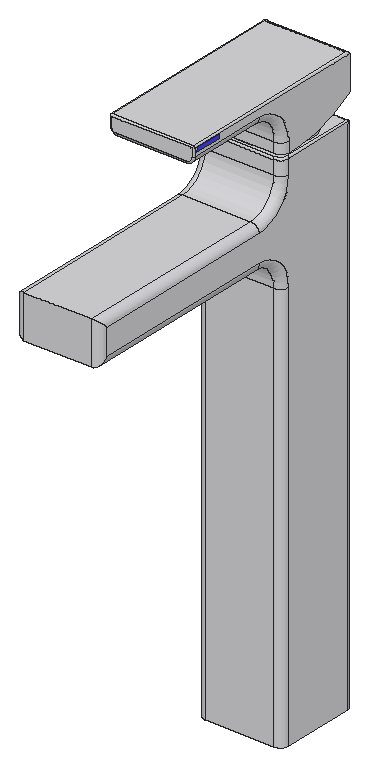
Revit family "Faucet-Lavatory-KOHLER-STRAYT-C98340D_1", category Plumbing Fixtures, host Face, Revit 2017
Family settings
  Host = Face
  Round Connector Dimension = Use Diameter
  Part Type = Normal
  OmniClass Number = 23.31.11.00
  OmniClass Title = Faucets
  Cut with Voids When Loaded = No
  Shared = No
  Room Calculation Point = No
Parameters (values of type "CP-Polished Chrome")
  Width = 1 13/16"  # constant formula
  WaterSense Certified = 1 = 0  # no
  Waste Water Outlet = "Waste Water Outlet"  # constant formula
  Waste Connection = 1 = 0  # no
  Vent Connection = 1 = 0  # no
  URL = "https://www.kohler.co.uk/"
  Type = 1
  Spout Reach = 5 25/128"  # constant formula
  Product Page URL = ""
  Product Name = "STRAYT"  # constant formula
  Product Documentation Link = ""
  Pressure = 60.00 psi  # constant formula
  Model = "C98340D-CP"  # constant formula
  Material = "Premium Metal Construction"  # constant formula
  Master Format 2014 Name = "Residential Faucets, Supplies, and Trim"  # constant formula
  Master Format 2014 = "22 41 39"  # constant formula
  Manufacturer Address = "Cromwell Road, Cheltenham, Gloucestershire. GL52 5EP Registered in England No. 252115"  # constant formula
  Manufacturer = "KOHLER Co."  # constant formula
  Length = Spout Reach  # 5 25/128"
  Hot Water Inlet = "Hot Water Inlet"  # constant formula
  Height = 12 163/256"  # constant formula
  Handle Clearance = 3 17/64"  # constant formula
  HW Connection = 1 = 1  # yes
  Flow Rate = 1.3 GPM  # constant formula
  Finish = Kohler-Metal-CP-Polished_Chrome
  Environmental Product Declaration = ""
  Drain Included = 1 = 1  # yes
  Description = "TALL MONOBLOC WITH CLICKER WASTE"  # constant formula
  Default Elevation = 36"
  Declare Label = ""
  Date Modified = "08/13/2021"  # constant formula
  Date Created = "08/13/2021"  # constant formula
  Copyright = "Copyright KOHLER Co."  # constant formula
  Contact Us = "https://www.kohler.co.uk/support/contact/"
  Cold Water Inlet = "Cold Water Inlet"  # constant formula
  CW Connection = 1 = 1  # yes
  Assembly Code = "D2010"
  ADA Compliant = 1 = 0  # no
Reference planes (in)
  plane 1 "Center (Front/Back)": y = 0
  plane 2: z = 0
  plane 3 "Center (Left/Right)": x = 0
  plane 4: x = -0.9055118
  plane 5: x = -0.5375409
  plane 6: x = 0.9069882
  plane 7: x = 0.5375409
  plane 8: y = 0.9055118
  plane 9: y = -0.9055118
  plane 10: y = -3.265625
  plane 11: y = -5.79
  plane 12: y = -5.1953125
  plane 13: z = 12.6367187
  plane 14: z = 9.4488189
  plane 15: z = 12.2704879
  plane 16: z = 10.3740157
  plane 17: through (0, -5.79, 7.2350914) normal (0, 0.9659, -0.2588)
Dimensions and locks (in)
  "Width": plane 4 to plane 6
  "Spout Reach": plane 1 "Center (Front/Back)" to plane 12
  "Height": level to plane 13
  plane 14 to level = 9.44882"
  "Handle Clearance": plane 10 to plane 1 "Center (Front/Back)"
  aligned and locked: plane 2 to host face
  aligned and locked: level to host face
Automatic sketch dimensions
  host sketch curve to host sketch curve = 96"  (x2)
Nested families (in)
  nested 1: "C98340D" at (0, 0, 0), type "C98340D"
Connectors (in)
  piping at (-0.5375409, 0, 0), diameter 0.375, driven by "Flow Rate", driven by "Pressure", driven by "HW Connection", driven by "Hot Water Inlet"
    settings: on nested 1, index 1, connector inside diameter 24", connector length 0", flow factor 0, pipe flow 1.3 GPM, pressure drop 60.00 psi, fitting loss kfactor 0, connector angle 0.00°, fixture units 0, engagement length 0", angle of deflection 0.00°, flow configuration 1, flow direction 1, fitting loss method 4, system type 19, joint type 0, gender type 0, connector reference index -1, connector utility 1, adjustable connector no, is connector primary yes, connector description "Hot Water Inlet"
  piping at (0.5375409, 0, 0), diameter 0.375, driven by "Flow Rate", driven by "Pressure", driven by "CW Connection", driven by "Cold Water Inlet"
    settings: on nested 1, index 2, connector inside diameter 24", connector length 0", flow factor 0, pipe flow 1.3 GPM, pressure drop 60.00 psi, fitting loss kfactor 0, connector angle 0.00°, fixture units 0, engagement length 0", angle of deflection 0.00°, flow configuration 1, flow direction 1, fitting loss method 4, system type 20, joint type 0, gender type 0, connector reference index -1, connector utility 1, adjustable connector no, is connector primary no, connector description "Cold Water Inlet"
Definition of nested family "C98340D"
  Parameters (values of type "C98340D")
    Material = none
  Reference planes (in)
    plane 1 "Center (Front/Back)": y = 0
    plane 2: z = 0
    plane 3 "Center (Left/Right)": x = 0
    plane 4: y = -3.2677165
    plane 5: y = -5.1968504
    plane 6: y = -5.79
    plane 7: x = -0.9055118
    plane 8: x = 0.9055118
    plane 9: y = 0.9055118
    plane 10: y = -0.9055118
    plane 11: z = 9.4488189
    plane 12: z = 12.6377953
    plane 13: x = -0.5375409
    plane 14: x = 0.5375409
    plane 15: z = 10.3740157
    plane 16: z = 12.2704879
    plane 17: through (0, -5.1157194, 9.7515409) normal (0, -0.9659, 0.2588)
  Forms (in)
    Sweep 1, solid, material <- "Material", detail levels medium+fine
      path origin (0, 0, 0) x (0, 1, 0) y (0, 0, 1)
        loop
          line (-0.9055118, 0) -> (-0.9055118, 8.8267717)
          arc (-0.9055118, 8.8267717) -> (-1.0877052, 9.2666255) -> (-1.5275591, 9.4488189) r 0.6220472
          line (-1.5275591, 9.4488189) -> (-5.79, 9.4488189) -> (-5.79, 10.3740157) -> (-1.5275591, 10.3740157)
          arc (-1.5275591, 10.3740157) -> (-1.0877052, 10.5562092) -> (-0.9055118, 10.996063) r 0.6220472
          line (-0.9055118, 10.996063) -> (-0.9055118, 11.3346457)
      profile origin (0, -3.6587795, 9.4488189) x (0, 0, -1) y (1, 0, 0)
        loop
          line (0, -0.7285401) -> (0, 0.7285401)
          arc (0, 0.7285401) -> (-0.0518338, 0.853678) -> (-0.1769717, 0.9055118) r 0.1769717
          line (-0.1769717, 0.9055118) -> (-0.2104215, 0.9055118) -> (-0.2104215, -0.9055118) -> (-0.1769717, -0.9055118)
          arc (-0.1769717, -0.9055118) -> (-0.0518338, -0.853678) -> (0, -0.7285401) r 0.1769717
    Extrusion 2, solid, material <- "Material", detail levels medium+fine
      sketch origin (0, 0, 0) x (0, 1, 0) y (0, 0, 1)
        loop
          arc (-0.6950903, 10.996063) -> (-0.9389147, 10.4074187) -> (-1.5275591, 10.1635942) r 0.8324688
          line (-1.5275591, 10.1635942) -> (-5.5795785, 10.1635942) -> (-5.5795785, 9.6592404) -> (-1.5275591, 9.6592404)
          arc (-1.5275591, 9.6592404) -> (-0.9389147, 9.415416) -> (-0.6950903, 8.8267717) r 0.8324688
          line (-0.6950903, 8.8267717) -> (-0.6950903, 0) -> (0.9055118, 0) -> (0.9055118, 11.3346457) -> (-0.6950903, 11.3346457) -> (-0.6950903, 10.996063)
      from -0.9055118 to 0.9055118
    Extrusion 3, void
      sketch origin (0, 0, 0) x (1, 0, 0) y (0, 1, 0)
        loop
          line (-0.9055118, 0.9055118) -> (-0.9055118, 0.868935)
          arc (-0.9055118, 0.868935) -> (-0.8947987, 0.8947987) -> (-0.868935, 0.9055118) r 0.0365768
          line (-0.868935, 0.9055118) -> (-0.9055118, 0.9055118)
        loop
          line (0.9055118, 0.9055118) -> (0.868935, 0.9055118)
          arc (0.868935, 0.9055118) -> (0.8947987, 0.8947987) -> (0.9055118, 0.868935) r 0.0365768
          line (0.9055118, 0.868935) -> (0.9055118, 0.9055118)
      from 0 to 11.5098688
    Sweep 4, void
      path origin (0, 0, 0) x (1, 0, 0) y (0, 1, 0)
        loop
          line (0.868935, 0.9055118) -> (-0.868935, 0.9055118)
          arc (-0.868935, 0.9055118) -> (-0.8947987, 0.8947987) -> (-0.9055118, 0.868935) r 0.0365768
          line (-0.9055118, 0.868935) -> (-0.9055118, -0.7285401)
          arc (-0.9055118, -0.7285401) -> (-0.853678, -0.853678) -> (-0.7285401, -0.9055118) r 0.1769717
          line (-0.7285401, -0.9055118) -> (0.7285401, -0.9055118)
          arc (0.7285401, -0.9055118) -> (0.853678, -0.853678) -> (0.9055118, -0.7285401) r 0.1769717
          line (0.9055118, -0.7285401) -> (0.9055118, 0.868935)
          arc (0.9055118, 0.868935) -> (0.8947987, 0.8947987) -> (0.868935, 0.9055118) r 0.0365768
      profile origin (0, 0.9055118, 0) x (0, -1, 0) y (0, 0, 1)
        loop
          line (0, 11.3346457) -> (0, 11.2992126)
          arc (0, 11.2992126) -> (0.0103781, 11.3242676) -> (0.0354331, 11.3346457) r 0.0354331
          line (0.0354331, 11.3346457) -> (0, 11.3346457)
    Revolve 5, solid, material <- "Material", detail levels medium+fine
      sketch origin (0, 0, 0) x (0, 1, 0) y (0, 0, 1)
        loop
          line (0, 11.9153604) -> (0, 11.3346457) -> (0.8084365, 11.3346457) -> (0.8084365, 11.4212049)
          arc (0.8084365, 11.4212049) -> (0.7577442, 11.6869437) -> (0.6127868, 11.9153604) r 0.7218731
          line (0.6127868, 11.9153604) -> (0, 11.9153604)
        axis (0, 11.3346457) -> (0, 11.9153604)
      angle from 0 to 360
    Sweep 6, solid, material <- "Material", detail levels medium+fine
      path origin (0, 0, 0) x (0, 1, 0) y (0, 0, 1)
        loop
          line (-0.9055118, 11.4212598) -> (-0.9055118, 11.6470511)
          arc (-0.9055118, 11.6470511) -> (-1.0877875, 12.0871035) -> (-1.5278399, 12.2693792) r 0.6223281
          line (-1.5278399, 12.2693792) -> (-3.2677165, 12.2693792)
      profile origin (0, -2.3977782, 12.2693792) x (0, 0, -1) y (1, 0, 0)
        loop
          line (-0.2657355, -0.9055118) -> (-0.1680813, -0.9055118)
          arc (-0.1680813, -0.9055118) -> (-0.0492299, -0.856282) -> (0, -0.7374306) r 0.1680813
          line (0, -0.7374306) -> (0, 0.7374306)
          arc (0, 0.7374306) -> (-0.0492299, 0.856282) -> (-0.1680813, 0.9055118) r 0.1680813
          line (-0.1680813, 0.9055118) -> (-0.2657355, 0.9055118) -> (-0.2657355, -0.9055118)
    Extrusion 7, solid, material <- "Material", detail levels medium+fine
      sketch origin (0, 0, 0) x (0, 1, 0) y (0, 0, 1)
        loop
          line (-0.6397763, 11.6470511) -> (-0.6397763, 11.4212598) -> (0.9055118, 11.4212598) -> (0.9055118, 12.591575)
          arc (0.9055118, 12.591575) -> (0.8919742, 12.6242577) -> (0.8592915, 12.6377953) r 0.0462203
          line (0.8592915, 12.6377953) -> (-3.2677165, 12.6377953) -> (-3.2677165, 12.5351147) -> (-1.5278399, 12.5351147)
          arc (-1.5278399, 12.5351147) -> (-0.8998841, 12.2750069) -> (-0.6397763, 11.6470511) r 0.8880636
      from -0.9055118 to 0.9055118
    Sweep 8, void
      path origin (0, 0, 0) x (1, 0, 0) y (0, 1, 0)
        loop
          line (-0.9055118, 1.4566929) -> (-0.9055118, -3.2677165) -> (0.9055118, -3.2677165) -> (0.9055118, 1.4566929)
      profile origin (0, -3.2677165, 0) x (0, 1, 0) y (0, 0, 1)
        loop
          line (0, 12.6377953) -> (0, 12.6023622)
          arc (0, 12.6023622) -> (0.0103781, 12.6274172) -> (0.0354331, 12.6377953) r 0.0354331
          line (0.0354331, 12.6377953) -> (0, 12.6377953)
    Sweep 9, void
      path origin (0, 0, 0) x (1, 0, 0) y (0, 0, 1)
        loop
          line (-0.9055118, 12.9602796) -> (-0.9055118, 12.4374605)
          arc (-0.9055118, 12.4374605) -> (-0.856282, 12.3186091) -> (-0.7374306, 12.2693792) r 0.1680813
          line (-0.7374306, 12.2693792) -> (0.7374306, 12.2693792)
          arc (0.7374306, 12.2693792) -> (0.856282, 12.3186091) -> (0.9055118, 12.4374605) r 0.1680813
          line (0.9055118, 12.4374605) -> (0.9055118, 12.9602796)
      profile origin (0, 0, 12.2693792) x (0, 0, 1) y (0, -1, 0)
        loop
          line (0, 3.2677165) -> (0, 3.2322835)
          arc (0, 3.2322835) -> (0.0103781, 3.2573384) -> (0.0354331, 3.2677165) r 0.0354331
          line (0.0354331, 3.2677165) -> (0, 3.2677165)
    Extrusion 10, void
      sketch origin (0, 0, 0) x (0, 1, 0) y (0, 0, 1)
        loop
          line (-0.5118107, 11.4212598) -> (1.1604334, 11.4212598) -> (1.1604334, 12.0631241)
          arc (1.1604334, 12.0631241) -> (0.3837882, 11.5872372) -> (-0.5118107, 11.4212598) r 2.4992746
      from -1.262091 to 1.2757392
    Revolve 11, void
      sketch origin (0, 0, 0) x (0, 1, 0) y (0, 0, 1)
        loop
          arc (0.9055118, 12.3759064) -> (0.8985593, 12.3591216) -> (0.8817745, 12.3521692) r 0.0237373
          line (0.8817745, 12.3521692) -> (0.8116346, 12.3521692) -> (0.8116346, 12.1299213) -> (0.9055118, 12.1299213) -> (0.9055118, 12.3759064)
        axis (0.9055118, 12.1299213) -> (0.8116346, 12.1299213)
      angle from 0 to 360
    Extrusion 12, void
      sketch origin (0, 0, -0.0123031) x (0, 1, 0) y (0, 0, 1)
        loop
          line (-2.5982325, 12.5984252) -> (-3.1887837, 12.5984252) -> (-3.1887837, 12.519685) -> (-2.5982325, 12.519685) -> (-2.5982325, 12.5984252)
      from -0.808312 to -0.9055118
    Extrusion 13, void
      sketch origin (0, 0, -0.0123031) x (0, 1, 0) y (0, 0, -1)
        loop
          line (-2.5982325, -12.5984252) -> (-2.5982325, -12.519685) -> (-3.1887837, -12.519685) -> (-3.1887837, -12.5984252) -> (-2.5982325, -12.5984252)
      from -0.808312 to -0.9055118
    Extrusion 14, solid, detail levels medium+fine
      sketch origin (0, 0, 0) x (0, 1, 0) y (0, 0, 1)
        loop
          line (-2.5982325, 12.586122) -> (-3.1887837, 12.586122) -> (-3.1887837, 12.5073819) -> (-2.5982325, 12.5073819) -> (-2.5982325, 12.586122)
      from -0.808312 to -0.9055118
    Extrusion 15, solid, detail levels medium+fine
      sketch origin (0, 0, 0) x (0, 1, 0) y (0, 0, -1)
        loop
          line (-2.5982325, -12.586122) -> (-2.5982325, -12.5073819) -> (-3.1887837, -12.5073819) -> (-3.1887837, -12.586122) -> (-2.5982325, -12.586122)
      from -0.808312 to -0.9055118
    Revolve 16, solid, material <- "Material", detail levels medium+fine
      sketch origin (0, 0, 0) x (0, 1, 0) y (0, 0, 1)
        loop
          line (0.8116346, 12.1299213) -> (0.9055118, 12.1299213) -> (0.9055118, 12.3056932)
          arc (0.9055118, 12.3056932) -> (0.8992299, 12.3208589) -> (0.8840642, 12.3271408) r 0.0214476
          line (0.8840642, 12.3271408) -> (0.8116346, 12.3271408) -> (0.8116346, 12.1299213)
        axis (0.9055118, 12.1299213) -> (0.8116346, 12.1299213)
      angle from 0 to 360
    Revolve 17, void
      sketch origin (0, 0, 0) x (0, 1, 0) y (0, 0, 1)
        loop
          line (-4.6524596, 9.8062809) -> (-5.070688, 9.9183449) -> (-5.2415843, 9.2805509) -> (-4.823356, 9.168487) -> (-4.6524596, 9.8062809)
        axis (-5.2415843, 9.2805509) -> (-5.070688, 9.9183449)
      angle from 0 to 360
    Revolve 18, solid
      sketch origin (0, 0, 0) x (0, 1, 0) y (0, 0, 1)
        loop
          line (-4.6505371, 9.8057658) -> (-5.070688, 9.9183449) -> (-5.115383, 9.7515409) -> (-4.9252401, 9.7005922) -> (-4.9761887, 9.5104494) -> (-4.8510486, 9.4769181)
          arc (-4.8510486, 9.4769181) -> (-4.7686657, 9.4877641) -> (-4.7180815, 9.5536867) r 0.1085672
          line (-4.7180815, 9.5536867) -> (-4.6505371, 9.8057658)
        axis (-5.1663316, 9.561398) -> (-5.070688, 9.9183449)
      angle from 0 to 360
    Extrusion 19, solid, material <- "Material", detail levels coarse
      sketch origin (0, 0, 0) x (1, 0, 0) y (0, 1, 0)
        loop
          line (0.9055118, 0.9055118) -> (-0.9055118, 0.9055118) -> (-0.9055118, -0.9055118) -> (0.9055118, -0.9055118) -> (0.9055118, 0.9055118)
      from 0 to 11.3346457
    Extrusion 20, solid, material <- "Material", detail levels coarse
      sketch origin (0, 0, 0) x (1, 0, 0) y (0, 0, 1)
        loop
          line (-0.9055118, 9.4488189) -> (0.9055118, 9.4488189) -> (0.9055118, 10.3740157) -> (-0.9055118, 10.3740157) -> (-0.9055118, 9.4488189)
      from 0 to 5.79
    Revolve 21, solid, material <- "Material", detail levels coarse
      sketch origin (0, 0, 0) x (0, 1, 0) y (0, 0, 1)
        loop
          arc (0.8084365, 11.4442386) -> (0.731894, 11.7439728) -> (0.5210104, 11.9703076) r 0.6251387
          arc (0.5210104, 11.9703076) -> (0.2714306, 12.0819562) -> (0, 12.1148328) r 0.9144806
          line (0, 12.1148328) -> (0, 11.3346457) -> (0.8084365, 11.3346457) -> (0.8084365, 11.4442386)
        axis (0, 12.1148328) -> (0, 11.3346457)
      angle from 0 to 360
    Extrusion 22, solid, material <- "Material", detail levels coarse
      sketch origin (0, 0, 0) x (1, 0, 0) y (0, 1, 0)
        loop
          line (-0.9055118, 0.9055118) -> (-0.9055118, -0.9055118) -> (0.9055118, -0.9055118) -> (0.9055118, 0.9055118) -> (-0.9055118, 0.9055118)
      from 11.4212598 to 12.6377953
    Extrusion 23, solid, material <- "Material", detail levels coarse
      sketch origin (0, 0, 0) x (1, 0, 0) y (0, 0, 1)
        loop
          line (-0.9055118, 12.6377953) -> (-0.9055118, 12.2693792) -> (0.9055118, 12.2693792) -> (0.9055118, 12.6377953) -> (-0.9055118, 12.6377953)
      from 0 to 3.2677165
    Extrusion 24, void
      sketch origin (0, 0, 0) x (0, 1, 0) y (0, 0, 1)
        loop
          arc (0.9055118, 11.8619985) -> (0.2303236, 11.5339867) -> (-0.5118107, 11.4212598) r 2.4992746
          line (-0.5118107, 11.4212598) -> (0.9055118, 11.4212598) -> (0.9055118, 11.8619985)
      from -1.1225282 to 1.5926092
    Extrusion 25, solid, material <- "Material", detail levels medium+fine
      sketch origin (0, 0, 0) x (1, 0, 0) y (0, 1, 0)
        loop
          circle (-0.5375409, 0) r 0.1968504
        loop
          circle (0.5375409, 0) r 0.1968504
      from 0 to 0.2112405
  Cuts and joins
    Sweep 4, Revolve 17 cuts Sweep 1
    Extrusion 3, Sweep 4, Revolve 17 cuts Extrusion 2
    Sweep 9, Extrusion 10, Extrusion 12, Extrusion 13 cuts Sweep 6
    Sweep 8, Sweep 9, Extrusion 10, Revolve 11, Extrusion 12, Extrusion 13 cuts Extrusion 7
    joined: Sweep 1, Extrusion 2, Revolve 5, Sweep 6, Extrusion 7, Revolve 16
    Revolve 17 cuts Extrusion 20
    joined: Extrusion 19, Extrusion 20
    Extrusion 24 cuts Extrusion 22
    joined: Extrusion 22, Extrusion 23
  Lines and regions (in)
    Masking region 1
      outline origin (0, 0, 0) x (0, 1, 0) y (0, 0, 1)
        loop
          line (-0.9055118, 8.8289939) -> (-0.9055118, 0) -> (0.9055118, 0) -> (0.9055118, 11.2967456)
          arc (0.9055118, 11.2967456) -> (0.8944111, 11.323545) -> (0.8676117, 11.3346457) r 0.0379001
          line (0.8676117, 11.3346457) -> (0.8084365, 11.3346457) -> (0.8084365, 11.4442386)
          arc (0.8084365, 11.4442386) -> (0.7880522, 11.6025753) -> (0.7282286, 11.7505861) r 0.6251387
          arc (0.7282286, 11.7505861) -> (0.8180375, 11.8044349) -> (0.9055118, 11.8619985) r 2.4992746
          line (0.9055118, 11.8619985) -> (0.9055118, 12.5914336)
          arc (0.9055118, 12.5914336) -> (0.8919328, 12.6242163) -> (0.8591501, 12.6377953) r 0.0463617
          line (0.8591501, 12.6377953) -> (-3.2276171, 12.6377953)
          arc (-3.2276171, 12.6377953) -> (-3.2559717, 12.6260504) -> (-3.2677165, 12.5976959) r 0.0400994
          line (-3.2677165, 12.5976959) -> (-3.2677165, 12.3087671)
          arc (-3.2677165, 12.3087671) -> (-3.2565048, 12.2816996) -> (-3.2294374, 12.2704879) r 0.0382792
          line (-3.2294374, 12.2704879) -> (-1.5301818, 12.2704879)
          arc (-1.5301818, 12.2704879) -> (-1.0884734, 12.0875263) -> (-0.9055118, 11.6458179) r 0.62467
          line (-0.9055118, 11.6458179) -> (-0.9055118, 11.4500122)
          arc (-0.9055118, 11.4500122) -> (-0.8970905, 11.4296812) -> (-0.8767595, 11.4212598) r 0.0287523
          line (-0.8767595, 11.4212598) -> (-0.8084365, 11.4212598) -> (-0.8084365, 11.3346457) -> (-0.8701026, 11.3346457)
          arc (-0.8701026, 11.3346457) -> (-0.8951407, 11.3242746) -> (-0.9055118, 11.2992365) r 0.0354092
          line (-0.9055118, 11.2992365) -> (-0.9055118, 10.9980594)
          arc (-0.9055118, 10.9980594) -> (-1.08829, 10.5567939) -> (-1.5295555, 10.3740157) r 0.6240437
          line (-1.5295555, 10.3740157) -> (-5.7198818, 10.3740157)
          arc (-5.7198818, 10.3740157) -> (-5.7694628, 10.3534786) -> (-5.79, 10.3038975) r 0.0701182
          line (-5.79, 10.3038975) -> (-5.79, 9.519685)
          arc (-5.79, 9.519685) -> (-5.7692438, 9.4695751) -> (-5.7191339, 9.4488189) r 0.0708661
          line (-5.7191339, 9.4488189) -> (-1.5253368, 9.4488189)
          arc (-1.5253368, 9.4488189) -> (-1.0870544, 9.2672764) -> (-0.9055118, 8.8289939) r 0.619825
    Masking region 2
      outline origin (0, 0, 0) x (1, 0, 0) y (0, 0, 1)
        loop
          line (-0.9055118, 12.6014538) -> (-0.9055118, 11.450374)
          arc (-0.9055118, 11.450374) -> (-0.8969845, 11.4297872) -> (-0.8763977, 11.4212598) r 0.0291141
          line (-0.8763977, 11.4212598) -> (-0.8084365, 11.4212598) -> (-0.8084365, 11.3346457) -> (-0.8692883, 11.3346457)
          arc (-0.8692883, 11.3346457) -> (-0.8949022, 11.324036) -> (-0.9055118, 11.2984221) r 0.0362236
          line (-0.9055118, 11.2984221) -> (-0.9055118, 0) -> (0.9055118, 0) -> (0.9055118, 11.2984221)
          arc (0.9055118, 11.2984221) -> (0.8949022, 11.324036) -> (0.8692883, 11.3346457) r 0.0362236
          line (0.8692883, 11.3346457) -> (0.8084365, 11.3346457) -> (0.8084365, 11.4212598) -> (0.8763977, 11.4212598)
          arc (0.8763977, 11.4212598) -> (0.8969845, 11.4297872) -> (0.9055118, 11.450374) r 0.0291141
          line (0.9055118, 11.450374) -> (0.9055118, 12.6014538)
          arc (0.9055118, 12.6014538) -> (0.8948676, 12.6271511) -> (0.8691703, 12.6377953) r 0.0363415
          line (0.8691703, 12.6377953) -> (-0.8691703, 12.6377953)
          arc (-0.8691703, 12.6377953) -> (-0.8948676, 12.6271511) -> (-0.9055118, 12.6014538) r 0.0363415
    Masking region 3
      outline origin (0, 0, 0) x (1, 0, 0) y (0, 1, 0)
        loop
          line (-0.9055118, 0.8679402) -> (-0.9055118, -5.6073472)
          arc (-0.9055118, -5.6073472) -> (-0.8520141, -5.7365022) -> (-0.722859, -5.79) r 0.1826528
          line (-0.722859, -5.79) -> (0.7244094, -5.79)
          arc (0.7244094, -5.79) -> (0.8524682, -5.7369563) -> (0.9055118, -5.6088976) r 0.1811024
          line (0.9055118, -5.6088976) -> (0.9055118, 0.8661417)
          arc (0.9055118, 0.8661417) -> (0.8939806, 0.8939806) -> (0.8661417, 0.9055118) r 0.0393701
          line (0.8661417, 0.9055118) -> (-0.8679402, 0.9055118)
          arc (-0.8679402, 0.9055118) -> (-0.8945073, 0.8945073) -> (-0.9055118, 0.8679402) r 0.0375716
    symbolic lines, detail levels medium+fine
      curve 1: line (0, -5.7198818, 10.3740157) -> (0, -5.7198818, 9.4488228)
      curve 2: line (0, -1.4834614, 9.6254335) -> (0, -5.79, 9.6254335)
      curve 3: line (0, -1.4851821, 10.1974145) -> (0, -5.79, 10.1974145)
      curve 4: line (0, -0.7039338, 0) -> (0, -0.7039338, 8.845906)
      curve 5: line (0, 0.8084365, 11.3346457) -> (0, -0.8084365, 11.3346457)
      curve 6: line (0, -0.8084365, 11.4212598) -> (0, -0.5118107, 11.4212598)
      curve 7: arc (0, -0.5118107, 11.4212598) -> (0, 0.1297018, 11.5049941) -> (0, 0.7282286, 11.7505861) r 2.4992746
      curve 8: line (0, 0.9055118, 11.2967456) -> (0, -0.9054241, 11.2967456)
      curve 9: line (0, -0.7039338, 10.9786628) -> (0, -0.7039338, 11.2967456)
      curve 10: arc (0, -0.7039338, 8.845906) -> (0, -0.9322522, 9.3971152) -> (0, -1.4834614, 9.6254335) r 0.7795276
      curve 11: arc (0, -1.4851821, 10.1974145) -> (0, -0.9327561, 10.4262368) -> (0, -0.7039338, 10.9786628) r 0.7812483
      curve 12: line (0, 0.8677111, 11.2967456) -> (0, 0.8677111, 0)
      curve 13: line (0, -0.5118107, 11.4212598) -> (0, 0.808014, 11.4212598)
      curve 14: line (0, -2.5982325, 12.5073819) -> (0, -3.2322835, 12.5073819)
      curve 15: line (0, -3.1887837, 12.5073819) -> (0, -3.1887837, 12.586122)
      curve 16: line (0, -3.2322835, 12.586122) -> (0, -2.5982325, 12.586122)
      curve 17: line (0, -2.5982325, 12.586122) -> (0, -2.5982325, 12.5073819)
      curve 18: line (0, -3.2322835, 12.6377641) -> (0, -3.2322835, 12.2705939)
      curve 19: line (0, -2.5982325, 12.586122) -> (0, 0.9034605, 12.586122)
      curve 20: line (0, -2.5982325, 12.5073819) -> (0, -1.4913354, 12.5073819)
      curve 21: line (0, 0.8593999, 12.6371981) -> (0, 0.8593999, 11.8309998)
      curve 22: line (0, -0.7039338, 11.4212598) -> (0, -0.7039338, 11.7199803)
      curve 23: arc (0, -0.7039338, 11.7199803) -> (0, -0.9345584, 12.2767573) -> (0, -1.4913354, 12.5073819) r 0.7874016
      curve 24: line (0, 0, 12.2704879) -> (-0.7301644, 0, 12.2704879)
      curve 25: arc (-0.7301644, 0, 12.2704879) -> (-0.8505424, 0, 12.3182149) -> (-0.9055118, 0, 12.4354628) r 0.1756735
      curve 26: line (-0.8084365, 0, 11.4212598) -> (0, 0, 11.4212598)
      curve 27: line (-0.8084365, 0, 11.3346457) -> (0, 0, 11.3346457)
      curve 28: line (0.0000731, 0, 9.4488189) -> (-0.7285401, 0, 9.4488189)
      curve 29: arc (-0.7285401, 0, 9.4488189) -> (-0.853678, 0, 9.5006527) -> (-0.9055118, 0, 9.6257906) r 0.1769717
      curve 30: line (0, 0, 10.3740157) -> (-0.7285401, 0, 10.3740157)
      curve 31: arc (-0.7285401, 0, 10.3740157) -> (-0.853678, 0, 10.3221819) -> (-0.9055118, 0, 10.1970441) r 0.1769717
      curve 32: line (-0.9055118, 0, 11.2984221) -> (0, 0, 11.2984221)
      curve 33: line (-0.7285401, 0, 10.3740157) -> (-0.7285401, 0, 11.2984221)
      curve 34: line (-0.7285401, 0, 11.4212598) -> (-0.7285401, 0, 12.2704879)
      curve 35: line (0, 0, 12.2890642) -> (-0.7301644, 0, 12.2890642)
      curve 36: arc (-0.7301644, 0, 12.2890642) -> (-0.8370535, 0, 12.3314432) -> (-0.8858633, 0, 12.4355529) r 0.1559884
      curve 37: line (-0.8858633, 0, 12.4355529) -> (-0.8858633, 0, 12.6337346)
      curve 38: line (-0.7285401, 0, 9.4488189) -> (-0.7285401, 0, 0)
      curve 39: line (0, 0, 10.3543307) -> (-0.7285401, 0, 10.3543307)
      curve 40: arc (-0.7285401, 0, 10.3543307) -> (-0.8397586, 0, 10.3082625) -> (-0.8858268, 0, 10.1970441) r 0.1572866
      curve 41: line (0.0000731, 0, 9.4685039) -> (-0.7285401, 0, 9.4685039)
      curve 42: arc (-0.7285401, 0, 9.4685039) -> (-0.8397586, 0, 9.5145721) -> (-0.8858268, 0, 9.6257906) r 0.1572866
      curve 43: line (-0.8858268, 0, 10.1970441) -> (-0.8858268, 0, 9.6257906)
      curve 44: line (0, 0, 12.2704879) -> (0.7301644, 0, 12.2704879)
      curve 45: arc (0.7301644, 0, 12.2704879) -> (0.8505424, 0, 12.3182149) -> (0.9055118, 0, 12.4354628) r 0.1756735
      curve 46: line (0.8084365, 0, 11.4212598) -> (0, 0, 11.4212598)
      curve 47: line (0.8084365, 0, 11.3346457) -> (0, 0, 11.3346457)
      curve 48: line (0.0000731, 0, 9.4488189) -> (0.7285401, 0, 9.4488189)
      curve 49: arc (0.7285401, 0, 9.4488189) -> (0.853678, 0, 9.5006527) -> (0.9055118, 0, 9.6257906) r 0.1769717
      curve 50: line (0, 0, 10.3740157) -> (0.7285401, 0, 10.3740157)
      curve 51: arc (0.7285401, 0, 10.3740157) -> (0.853678, 0, 10.3221819) -> (0.9055118, 0, 10.1970441) r 0.1769717
      curve 52: line (0.9055118, 0, 11.2984221) -> (0, 0, 11.2984221)
      curve 53: line (0.7285401, 0, 10.3740157) -> (0.7285401, 0, 11.2984221)
      curve 54: line (0.7285401, 0, 11.4212598) -> (0.7285401, 0, 12.2704879)
      curve 55: line (0, 0, 12.2890642) -> (0.7301644, 0, 12.2890642)
      curve 56: arc (0.7301644, 0, 12.2890642) -> (0.8370535, 0, 12.3314432) -> (0.8858633, 0, 12.4355529) r 0.1559884
      curve 57: line (0.8858633, 0, 12.4355529) -> (0.8858633, 0, 12.6337346)
      curve 58: line (0.7285401, 0, 9.4488189) -> (0.7285401, 0, 0)
      curve 59: line (0, 0, 10.3543307) -> (0.7285401, 0, 10.3543307)
      curve 60: arc (0.7285401, 0, 10.3543307) -> (0.8397586, 0, 10.3082625) -> (0.8858268, 0, 10.1970441) r 0.1572866
      curve 61: line (0.0000731, 0, 9.4685039) -> (0.7285401, 0, 9.4685039)
      curve 62: arc (0.7285401, 0, 9.4685039) -> (0.8397586, 0, 9.5145721) -> (0.8858268, 0, 9.6257906) r 0.1572866
      curve 63: line (0.8858268, 0, 10.1970441) -> (0.8858268, 0, 9.6257906)
      curve 64: line (-0.9021357, -5.6133988, 0) -> (0.9054559, -5.6133988, 0)
      curve 65: line (0, -3.2677165, 0) -> (-0.8700787, -3.2677165, 0)
      curve 66: arc (-0.8700787, -3.2677165, 0) -> (-0.8951196, -3.2573443, 0) -> (-0.9054919, -3.2323034, 0) r 0.0354131
      curve 67: line (-0.7052853, -5.6133988, 0) -> (-0.7052853, -3.2677165, 0)
      curve 68: line (0, -3.2480315, 0) -> (-0.8576704, -3.2480315, 0)
      curve 69: arc (-0.8576704, -3.2480315, 0) -> (-0.8902149, -3.2353129, 0) -> (-0.9055118, -3.2038977, 0) r 0.0479972
      curve 70: line (0, -3.2677165, 0) -> (0.8700787, -3.2677165, 0)
      curve 71: arc (0.8700787, -3.2677165, 0) -> (0.8951196, -3.2573443, 0) -> (0.9054919, -3.2323034, 0) r 0.0354131
      curve 72: line (0.7052853, -5.6133988, 0) -> (0.7052853, -3.2677165, 0)
      curve 73: line (0, -3.2480315, 0) -> (0.8576704, -3.2480315, 0)
      curve 74: arc (0.8576704, -3.2480315, 0) -> (0.8902149, -3.2353129, 0) -> (0.9055118, -3.2038977, 0) r 0.0479972
      curve 75: line (-0.8576704, -3.2480315, 0) -> (-0.8576704, 0.9055118, 0)
      curve 76: line (0.8576704, -3.2480315, 0) -> (0.8576704, 0.9055118, 0)
  Dimensions and locks (in)
    plane 4 to plane 1 "Center (Front/Back)" = 3.26772"
    plane 5 to plane 1 "Center (Front/Back)" = 5.19685"
    plane 1 "Center (Front/Back)" to plane 6 = 5.79"
    plane 7 to plane 8 = 1.81102"
    plane 11 to level = 9.44882"
    plane 12 to level = 12.6378"
    aligned and locked: plane 2 to level
